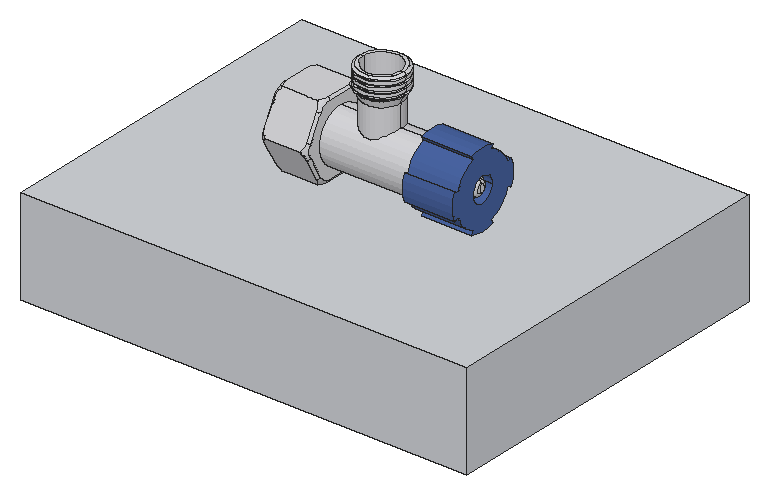
Revit family "BIM_01-1993-09", category Aparatos sanitarios, Revit 2023
Family settings
  Anfitrión = Cara
  Cota de conector redondo = Usar diámetro
  Tipo de pieza = Normal
  Número OmniClass = 23.31.11.00
  Activar corte en vistas = No
  Corte con vacíos al cargar = No
  Mantener orientación de anotación = No
  Compartido = No
  Punto de cálculo de habitación = No
Parameters (values of type "01-1993-09")
  Waste Water Outlet = ""
  Vida Util = "2000 Ciclos"
  Torque de Conexioón = "61 Nm"
  Tipo de Uso = "Domestico"
  Temperaturas de trabajo = "DE 5° A 71°"
  Sitio web = "https://www.gricol.com/"
  Rosca NPS 3/4" = "3/4\""
  Rosca NPT 1/2" = "1/2\""
  Resistencia a Corrosión = "NTC 1156 Sal Neutral"
  Referente Normativo = "NTC 1644, ASME A112.18.1 / CSA B125.1"
  Presión de Estaiildo = 500.00 psi
  Presión Mínima = 20.00 psi
  Presión Maxima = 125.00 psi
  Plastico - ABS Cromado = Plastico - ABS Cromado
  Plastico - ABS + Colorante azul = Plastico - ABS + Colorante azul
  Materiales del producto = "ABS, Latón, Caucho"
  Link Ficha Tecnica = "https://infotecnica.gricol.com/FT_01-1993-15_01-1993-11_01-1993-09_01-1993-01.pdf"
  Garantia Especifica = "20 Años"
  Conexión de residuos = 1 = 0  # no
  Conexión de ventilación = 1 = 0  # no
  URL = "https://www.gricol.com/products/llave-lavadora-plastica-cromada-manija-azul"
  Imagen de tipo = LLAVE LAVADORA CROMADA AZUL.jpg
  Product Name = "Llave lavadora plástica cromada manija azul"  # constant formula
  Model = "01-1993-09\r"  # constant formula
  Fabricante = "Gricol"  # constant formula
  Conexión AC = 1 = 1  # yes
  Descripción = "Llave"  # constant formula
  Default Elevation = 0.0 mm
  Date Modified = "25-08-2025"  # constant formula
  Date Created = "05/28/2020"  # constant formula
  Copyright = "All rights reserved © Gricol - 2025."  # constant formula
  CW Connection = 1 = 1  # yes
  Assembly Code = ""
  Conexiones = "Acometida: Rosca Hembra ½” NPT Lavadora:\r\nRosca Macho ¾” NH"
  Ancho = 75.0 mm
  Alto = 46.0 mm
Reference planes
  plane 1 "Center (Front/Back)": y = 0
  plane 2: z = 0
  plane 3 "Center (Left/Right)": x = 0
  plane 4: x = -35
  plane 5: x = 40
  plane 6: z = 15
  plane 7: z = 46
Forms (mm)
  Extrusion 1, solid
    sketch origin (50, -32.5, 0) x (1, 0, 0) y (0, 1, 0)
      loop
        line (-137.576, 102.159) -> (-137.576, -38.066) -> (40, -38.066) -> (40, 102.159) -> (-137.576, 102.159)
    from 0 to -38.036
Text (mm)
  text "Rosca NPS 3/4\"" at (-17.694, 0, 61.171), in view "Front"
  text "Rosca NPT 1/2\"" at (-137.418, 0, 25.544), in view "Front"
Dimensions and locks
  "Ancho": plane 4 to plane 5
  plane 4 to plane 3 "Center (Left/Right)" = 35.0 mm
  plane 7 to plane 6 = 31.0 mm
  "Alto": plane 7 to level
  aligned and locked: plane 2 to Extrusion 1
  aligned and locked: level to Extrusion 1
Automatic sketch dimensions
  Extrusion 1 sketch curve to Extrusion 1 sketch curve = 177.576 mm
  Extrusion 1 sketch curve to Extrusion 1 sketch curve = 140.225 mm
Nested families
  nested 1: "LLAVE LAVADORA CROMADA AZUL" at (0, 0, 0), type "LLAVE LAVADORA CROMADA AZUL"
Definition of nested family "LLAVE LAVADORA CROMADA AZUL"
  Parameters (values of type "LLAVE LAVADORA CROMADA AZUL")
    Weight Net (Kg) = "6.60Kg"
    Plastico - ABS Cromado = none
    Plastico - ABS + Colorante azul = none
    Default Elevation = 0.0 mm
    Waste Connection = no
    Vent Connection = no
    Type Comments = ""
    Nominal width = "370"
    Nominal height = "130"
    Model = ""
    Manufacturer = ""
    Keynote = ""
    HW Connection = no
    Cost = 0
    CW Connection = no
  Reference planes
    plane 1 "Center (Front/Back)": y = 0
    plane 2: z = 0
    plane 3 "Center (Left/Right)": x = 0
    plane 4 "11": x = -35
    plane 5: z = 46
    plane 6: z = 23
    plane 7: x = 9.525
    plane 8: x = -9.525
    plane 9: z = 15
    plane 10 "18": x = 40
  Forms (mm)
    Revolve 1, solid, material <- "Plastico - ABS Cromado"
      sketch origin (0.449, -0.057, -22.371) x (1, 0, 0) y (0, 0, 1)
        loop
          line (-9.105, 60.46) -> (-9.974, 60.46) -> (-9.192, 59.678) -> (-7.841, 59.678) -> (-7.841, 68.371) -> (-9.105, 68.371) -> (-9.974, 67.728) -> (-9.105, 67.728) -> (-9.105, 66.941) -> (-9.974, 66.941) -> (-9.974, 65.854) -> (-9.105, 65.854) -> (-9.105, 64.911) -> (-9.974, 64.911) -> (-9.974, 63.746) -> (-9.105, 63.746) -> (-9.105, 62.568) -> (-9.974, 62.568) -> (-9.974, 61.404) -> (-9.105, 61.404) -> (-9.105, 60.46)
        axis (-0.449, 68.371) -> (-0.449, 59.678)
      angle from 0 to 360
    Revolve 2, solid, material <- "Plastico - ABS Cromado"
      sketch origin (-124.259, -0.057, -60.619) x (0, 0, 1) y (-1, 0, 0)
        loop
          line (64.994, -107.534) -> (64.994, -144.334) -> (66.234, -144.334) -> (66.234, -107.534) -> (64.994, -107.534)
        axis (75.619, -107.534) -> (75.619, -144.334)
      angle from 0 to 360
    Revolve 3, solid, material <- "Plastico - ABS Cromado"
      sketch origin (0, 0, 0) x (1, 0, 0) y (0, 0, 1)
        loop
          line (-5.759, 37.307) -> (-8.744, 37.307) -> (-7.6, 34.445) -> (-7.6, 22.145) -> (-5.759, 22.145) -> (-5.759, 37.307)
        axis (0, 22.145) -> (0, 37.307)
      angle from 0 to 360
    Extrusion 4, solid, material <- "Plastico - ABS + Colorante azul"
      sketch origin (0, -55, 0) x (0, 1, 0) y (0, 0, 1)
        loop
          arc (60.276, 29.048) -> (55, 30.006) -> (49.724, 29.048) r 15.006
          line (49.724, 29.048) -> (50.782, 27.536)
          arc (50.782, 27.536) -> (45.648, 24.352) -> (42.464, 19.218) r 13.226
          line (42.464, 19.218) -> (40.952, 20.276)
          arc (40.952, 20.276) -> (39.994, 15) -> (40.952, 9.724) r 15.006
          line (40.952, 9.724) -> (42.464, 10.782)
          arc (42.464, 10.782) -> (45.648, 5.648) -> (50.782, 2.464) r 13.226
          line (50.782, 2.464) -> (49.724, 0.952)
          arc (49.724, 0.952) -> (55, -0.006) -> (60.276, 0.952) r 15.006
          line (60.276, 0.952) -> (59.218, 2.464)
          arc (59.218, 2.464) -> (64.352, 5.648) -> (67.536, 10.782) r 13.226
          line (67.536, 10.782) -> (69.048, 9.724)
          arc (69.048, 9.724) -> (70.006, 15) -> (69.048, 20.276) r 15.006
          line (69.048, 20.276) -> (67.536, 19.218)
          arc (67.536, 19.218) -> (64.352, 24.352) -> (59.218, 27.536) r 13.226
          line (59.218, 27.536) -> (60.276, 29.048)
        loop
          circle (55, 15) r 5
      from 20.075 to 40
    Revolve 5, solid, material <- "Plastico - ABS Cromado"
      sketch origin (0.156, 0, 0) x (1, 0, 0) y (0, 0, 1)
        loop
          line (39.063, 15) -> (39.063, 16.688)
          arc (39.063, 16.688) -> (38.727, 17.498) -> (37.917, 17.834) r 1.146
          line (37.917, 17.834) -> (36.666, 17.834) -> (36.666, 19.218) -> (19.919, 19.218) -> (19.919, 15) -> (39.063, 15)
        axis (19.919, 15) -> (39.063, 15)
      angle from 0 to 360
    Extrusion 6, solid, material <- "Plastico - ABS Cromado"
      sketch origin (0, -102.723, 0) x (0, 1, 0) y (0, 0, 1)
        loop
          circle (102.723, 15) r 6.964
        loop
          line (111.383, 0) -> (120.043, 15) -> (111.383, 30) -> (94.062, 30) -> (85.402, 15) -> (94.062, 0) -> (111.383, 0)
      from -35 to -16.725
    Sweep 7, void
      path origin (0, 0, 0) x (0, 1, 0) y (0, 0, 1)
        loop
          line (5.196, 30) -> (-5.196, 30)
          arc (-5.196, 30) -> (-8.196, 29.196) -> (-10.392, 27) r 6
          line (-10.392, 27) -> (-15.588, 18)
          arc (-15.588, 18) -> (-16.392, 15) -> (-15.588, 12) r 6
          line (-15.588, 12) -> (-10.392, 3)
          arc (-10.392, 3) -> (-8.196, 0.804) -> (-5.196, 0) r 6
          line (-5.196, 0) -> (5.196, 0)
          arc (5.196, 0) -> (8.196, 0.804) -> (10.392, 3) r 6
          line (10.392, 3) -> (15.588, 12)
          arc (15.588, 12) -> (16.392, 15) -> (15.588, 18) r 6
          line (15.588, 18) -> (10.392, 27)
          arc (10.392, 27) -> (8.196, 29.196) -> (5.196, 30) r 6
      profile origin (0, 0, 30) x (0, 0, -1) y (1, 0, 0)
        loop
          line (-1.687, -36.452) -> (1.631, -36.452) -> (1.631, -35.391)
          arc (1.631, -35.391) -> (0.232, -34.434) -> (-0.724, -33.036) r 4.593
          line (-0.724, -33.036) -> (-1.687, -33.036) -> (-1.687, -36.452)
    Sweep 8, void
      path origin (-51.725, 0, 0) x (0, 1, 0) y (0, 0, -1)
        loop
          arc (5.196, -30) -> (8.196, -29.196) -> (10.392, -27) r 6
          line (10.392, -27) -> (15.588, -18)
          arc (15.588, -18) -> (16.392, -15) -> (15.588, -12) r 6
          line (15.588, -12) -> (10.392, -3)
          arc (10.392, -3) -> (8.196, -0.804) -> (5.196, 0) r 6
          line (5.196, 0) -> (-5.196, 0)
          arc (-5.196, 0) -> (-8.196, -0.804) -> (-10.392, -3) r 6
          line (-10.392, -3) -> (-15.588, -12)
          arc (-15.588, -12) -> (-16.392, -15) -> (-15.588, -18) r 6
          line (-15.588, -18) -> (-10.392, -27)
          arc (-10.392, -27) -> (-8.196, -29.196) -> (-5.196, -30) r 6
          line (-5.196, -30) -> (5.196, -30)
      profile origin (-51.725, 0, 30) x (0, 0, 1) y (-1, 0, 0)
        loop
          line (1.687, -36.452) -> (1.687, -33.036) -> (0.724, -33.036)
          arc (0.724, -33.036) -> (-0.232, -34.434) -> (-1.631, -35.391) r 4.593
          line (-1.631, -35.391) -> (-1.631, -36.452) -> (1.687, -36.452)
    Revolve 9, solid, material <- "Plastico - ABS Cromado"
      sketch origin (0, 0, 0) x (1, 0, 0) y (0, 0, 1)
        loop
          line (-34.184, 6.84) -> (-17.554, 6.84) -> (-17.554, 8.598) -> (-18.663, 8.598) -> (-18.663, 7.685) -> (-19.785, 7.685) -> (-19.785, 8.598) -> (-20.66, 8.598) -> (-20.66, 7.685) -> (-22.016, 7.685) -> (-22.016, 8.598) -> (-22.891, 8.598) -> (-22.891, 7.685) -> (-24.169, 7.685) -> (-24.169, 8.598) -> (-25.044, 8.598) -> (-25.044, 7.685) -> (-26.166, 7.685) -> (-26.166, 8.598) -> (-27.04, 8.598) -> (-27.04, 7.685) -> (-28.24, 7.685) -> (-28.24, 8.598) -> (-29.115, 8.598) -> (-29.115, 7.685) -> (-30.237, 7.685) -> (-30.237, 8.598) -> (-31.112, 8.598) -> (-31.112, 7.685) -> (-32.234, 7.685) -> (-32.234, 8.598) -> (-33.109, 8.598) -> (-33.109, 7.685) -> (-34.184, 7.685) -> (-34.184, 6.84)
        axis (-17.554, 15) -> (-34.184, 15)
      angle from 0 to 360
  Cuts and joins
    joined: Revolve 2, Revolve 3
    Sweep 7, Sweep 8 cuts Extrusion 6
  Dimensions and locks
    plane 3 "Center (Left/Right)" to plane 4 "11" = 35.0 mm  (x3)
    level to plane 5 = 46.0 mm
    equal spacing: plane 5, plane 6, level
    plane 5 to level = 46.0 mm
    Revolve 1 sketch curve to Revolve 1 sketch curve = 2.132 mm
    locked: plane 7 to plane 8 at 19.05
    plane 3 "Center (Left/Right)" to plane 8 = 9.525 mm
    plane 5 to plane 9 = 31.0 mm
    locked: plane 10 "18" to plane 4 "11" at 75
    aligned and locked: level to plane 2
  Automatic sketch dimensions
    Revolve 1 sketch curve to plane 8 = 0.0 mm  (x5)
    Revolve 1 sketch curve to plane 5 = 0.0 mm
    Revolve 1 sketch curve to plane 3 "Center (Left/Right)" = 0.0 mm
    plane 8 to Revolve 1 sketch curve = 0.781 mm
    plane 8 to Revolve 1 sketch curve = 0.869 mm  (x3)
    Revolve 1 sketch curve to Revolve 1 sketch curve = 0.0 mm
    Revolve 1 sketch curve to Revolve 1 sketch curve = 0.088 mm
    Revolve 1 sketch curve to Revolve 1 sketch curve = 0.643 mm
    Revolve 1 sketch curve to Revolve 1 sketch curve = 0.788 mm
    Revolve 1 sketch curve to Revolve 1 sketch curve = 1.086 mm
    Revolve 1 sketch curve to Revolve 1 sketch curve = 0.944 mm  (x2)
    Revolve 1 sketch curve to Revolve 1 sketch curve = 1.165 mm  (x2)
    Revolve 1 sketch curve to Revolve 1 sketch curve = 1.178 mm
    Revolve 1 sketch curve to Revolve 1 sketch curve = 0.781 mm
    Revolve 1 sketch curve to plane 5 = 6.82 mm
    plane 6 to Revolve 1 sketch curve = 3.608 mm
    Extrusion 4 sketch curve to Extrusion 4 sketch curve = 0.0 mm  (x74)
    Extrusion 4 sketch curve to plane 1 "Center (Front/Back)" = 0.0 mm
    Extrusion 4 sketch curve to plane 9 = 0.0 mm
    plane 1 "Center (Front/Back)" to Extrusion 4 sketch curve = 4.218 mm  (x2)
    level to Extrusion 4 sketch curve = 0.952 mm  (x2)
    Extrusion 4 sketch curve to Extrusion 4 sketch curve = 1.059 mm  (x3)
    Extrusion 4 sketch curve to plane 6 = 3.782 mm  (x2)
    Extrusion 4 sketch curve to Extrusion 4 sketch curve = 8.318 mm  (x2)
    Extrusion 4 sketch curve to plane 9 = 4.218 mm  (x2)
    Extrusion 4 sketch curve to plane 9 = 5.276 mm  (x2)
    Extrusion 4 sketch curve to Extrusion 4 sketch curve = 1.512 mm  (x3)
    Extrusion 4 sketch curve to plane 6 = 2.724 mm  (x2)
    Extrusion 4 sketch curve to plane 1 "Center (Front/Back)" = 4.218 mm  (x2)
    Revolve 5 sketch curve to plane 9 = 0.0 mm  (x2)
    Revolve 5 sketch curve to plane 10 "18" = 19.925 mm
    Revolve 5 sketch curve to Revolve 5 sketch curve = 16.747 mm
    Revolve 5 sketch curve to Revolve 5 sketch curve = 1.251 mm
    Revolve 5 sketch curve to plane 10 "18" = 0.781 mm
    Revolve 5 sketch curve to Revolve 5 sketch curve = 1.688 mm
    Revolve 5 sketch curve to Revolve 5 sketch curve = 1.384 mm
    Revolve 5 sketch curve to Revolve 5 sketch curve = 0.767 mm
    plane 10 "18" to Revolve 5 sketch curve = 0.513 mm
    Sweep 7 sketch curve to plane 9 = 0.0 mm  (x2)
    Sweep 7 sketch curve to level = 0.0 mm
    plane 9 to Sweep 7 sketch curve = 3.0 mm  (x2)
    plane 1 "Center (Front/Back)" to Sweep 7 sketch curve = 15.588 mm
    Sweep 7 sketch curve to plane 9 = 3.0 mm  (x2)
    plane 6 to Sweep 7 sketch curve = 4.0 mm  (x2)
    Sweep 7 sketch curve to Sweep 7 sketch curve = 5.196 mm  (x7)
    level to Sweep 7 sketch curve = 3.0 mm  (x2)
    plane 6 to Sweep 7 sketch curve = 1.0 mm
    plane 1 "Center (Front/Back)" to Sweep 7 sketch curve = 5.196 mm  (x2)
    Sweep 7 sketch curve to plane 1 "Center (Front/Back)" = 5.196 mm  (x2)
    profile plane to Sweep 7 sketch curve = 1.687 mm
    profile plane to Sweep 7 sketch curve = 0.724 mm
    Sweep 7 sketch curve to profile plane = 1.631 mm
    Sweep 7 sketch curve to profile plane = 3.48 mm
    Sweep 7 sketch curve to plane 3 "Center (Left/Right)" = 36.452 mm
    Sweep 7 sketch curve to Sweep 7 sketch curve = 1.061 mm
    Sweep 7 sketch curve to Sweep 7 sketch curve = 3.416 mm
    Sweep 8 sketch curve to plane 9 = 0.0 mm  (x2)
    Sweep 8 sketch curve to level = 0.0 mm
    plane 9 to Sweep 8 sketch curve = 3.0 mm  (x2)
    plane 1 "Center (Front/Back)" to Sweep 8 sketch curve = 15.588 mm
    Sweep 8 sketch curve to plane 9 = 3.0 mm  (x2)
    plane 6 to Sweep 8 sketch curve = 4.0 mm  (x2)
    Sweep 8 sketch curve to Sweep 8 sketch curve = 5.196 mm  (x7)
    level to Sweep 8 sketch curve = 3.0 mm  (x2)
    plane 6 to Sweep 8 sketch curve = 1.0 mm
    plane 1 "Center (Front/Back)" to Sweep 8 sketch curve = 5.196 mm  (x2)
    Sweep 8 sketch curve to plane 1 "Center (Front/Back)" = 5.196 mm  (x2)
    profile plane to Sweep 8 sketch curve = 3.48 mm
    profile plane to Sweep 8 sketch curve = 1.631 mm
    Sweep 8 sketch curve to profile plane = 0.724 mm
    Sweep 8 sketch curve to Sweep 8 sketch curve = 0.963 mm
    Sweep 8 sketch curve to profile plane = 36.452 mm
    Sweep 8 sketch curve to Sweep 8 sketch curve = 1.061 mm
    Sweep 8 sketch curve to Sweep 8 sketch curve = 3.416 mm
    Revolve 3 sketch curve to plane 3 "Center (Left/Right)" = 0.0 mm
    Revolve 3 sketch curve to plane 6 = 0.855 mm
    plane 8 to Revolve 3 sketch curve = 3.766 mm
    plane 8 to Revolve 3 sketch curve = 1.925 mm
    plane 8 to Revolve 3 sketch curve = 0.781 mm
    plane 6 to Revolve 3 sketch curve = 11.445 mm
    Revolve 3 sketch curve to Revolve 3 sketch curve = 2.863 mm
    Revolve 3 sketch curve to Revolve 3 sketch curve = 5.0 mm
    Revolve 3 sketch curve to plane 5 = 3.46 mm
    Revolve 2 sketch curve to plane 9 = 0.0 mm
    level to Revolve 2 sketch curve = 5.615 mm
    Revolve 2 sketch curve to Revolve 2 sketch curve = 1.24 mm
    plane 7 to Revolve 2 sketch curve = 10.55 mm
    Revolve 2 sketch curve to plane 8 = 7.2 mm  (x2)
    Revolve 2 sketch curve to plane 10 "18" = 8.857 mm
    Revolve 9 sketch curve to plane 9 = 0.0 mm
    plane 4 "11" to Revolve 9 sketch curve = 0.816 mm
    Revolve 9 sketch curve to Revolve 9 sketch curve = 1.075 mm
    Revolve 9 sketch curve to Revolve 9 sketch curve = 0.875 mm  (x7)
    Revolve 9 sketch curve to Revolve 9 sketch curve = 1.122 mm  (x4)
    Revolve 9 sketch curve to Revolve 9 sketch curve = 1.2 mm
    Revolve 9 sketch curve to Revolve 9 sketch curve = 1.278 mm
    Revolve 9 sketch curve to Revolve 9 sketch curve = 1.356 mm
    Revolve 9 sketch curve to Revolve 9 sketch curve = 1.109 mm
    Revolve 9 sketch curve to plane 9 = 6.402 mm  (x2)
    Revolve 9 sketch curve to Revolve 9 sketch curve = 0.0 mm  (x12)
    Revolve 9 sketch curve to Revolve 9 sketch curve = 0.913 mm  (x2)
    Revolve 9 sketch curve to Revolve 9 sketch curve = 0.844 mm
    Revolve 9 sketch curve to plane 4 "11" = 0.706 mm
    plane 4 "11" to Revolve 9 sketch curve = 5.885 mm
    Extrusion 6 sketch curve to plane 9 = 0.0 mm  (x3)
    Extrusion 6 sketch curve to level = 0.0 mm
    Extrusion 6 sketch curve to plane 1 "Center (Front/Back)" = 0.0 mm
    plane 1 "Center (Front/Back)" to Extrusion 6 sketch curve = 8.66 mm  (x2)
    Extrusion 6 sketch curve to Extrusion 6 sketch curve = 8.66 mm  (x2)
    Extrusion 6 sketch curve to plane 1 "Center (Front/Back)" = 8.66 mm  (x2)
    plane 6 to Extrusion 6 sketch curve = 7.0 mm
    radius of Extrusion 4 sketch curve = 5.0 mm
    radius of Extrusion 6 sketch curve = 6.964 mm
